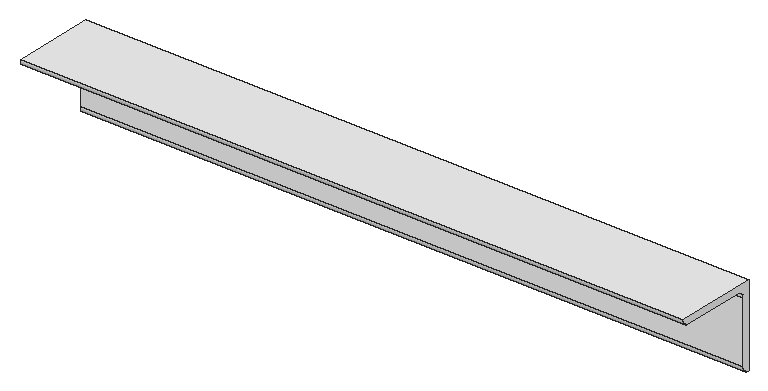
Revit family
Parameters (values of type "L150x150x12")
  k = 16.8 mm
  Start Extension Calculation [instance] = 3012.5 mm + Start Extension  # 3000 mm
  Start Extension [instance] = -12.5 mm
  End Extension Calculation [instance] = 3012.5 mm + End Extension  # 3000 mm
  End Extension [instance] = -12.5 mm
  Beam Material [instance] = Metal - Steel - 345 MPa
  A = 0.004 m²
  Length [instance] = 1500 mm
  W = 0.26772
  b = 150 mm
  d = 150 mm
  t = 12 mm
  x = 41.4 mm
  y = 41.4 mm
Reference planes
  plane 1 "Center (Front/Back)": y = 0
  plane 2: z = 0
  plane 3 "Center (Left/Right)": x = 4.61
  plane 4 "Member Left": x = -604.99
  plane 5 "Member Right": x = 614.21
  plane 6: y = 41.4
  plane 7: y = -108.6
  plane 8 "Top": z = 41.4
  plane 9: z = -108.6
  plane 10 "Left": x = -757.39
  plane 11 "Right": x = 742.61
  plane 12: x = -604.99
  plane 13: x = 614.21
  plane 14: x = 2395.01
  plane 15: x = -2385.79
Forms (mm)
  Sweep 1, solid, material "Metal - Steel - 345 MPa" <- "Beam Material", detail levels medium
    path origin (0, 0, 0) x (1, 0, 0) y (0, 1, 0)
      loop
        line (614.21, 0) -> (-604.99, 0)
    profile "M_L-Angle-Profile-Medium : M_L-Angle-Profile-Medium" origin (4.61, 0, 0) x (0, -1, 0) y (0, 0, 1)
      loop
        line (-41.4, -108.6) -> (-29.4, -108.6) -> (-29.4, 29.4) -> (108.6, 29.4) -> (108.6, 41.4) -> (-41.4, 41.4) -> (-41.4, -108.6)
  Sweep 2, solid, material "Metal - Steel - 345 MPa" <- "Beam Material", detail levels fine
    path origin (0, 0, 0) x (1, 0, 0) y (0, 1, 0)
      loop
        line (614.21, 0) -> (-604.99, 0)
    profile "M_L-Angle-Profile-Fine : M_L-Angle-Profile-Fine" origin (4.61, 0, 0) x (0, -1, 0) y (0, 0, 1)
      loop
        arc (-41.4, -108.6) -> (-32.915, -105.085) -> (-29.4, -96.6) r 12
        line (-29.4, -96.6) -> (-29.4, 17.4)
        arc (-29.4, 17.4) -> (-25.885, 25.885) -> (-17.4, 29.4) r 12
        line (-17.4, 29.4) -> (96.6, 29.4)
        arc (96.6, 29.4) -> (105.085, 32.915) -> (108.6, 41.4) r 12
        line (108.6, 41.4) -> (-41.4, 41.4) -> (-41.4, -108.6)
Lines and regions (mm)
  symbolic lines, style "Hidden Faces", detail levels medium+fine
    curve 1: line (-604.99, 0, 28.4) -> (614.21, 0, 28.4)
    curve 2: line (-604.99, 29.4, 0) -> (614.21, 29.4, 0)
  symbolic lines, style "Stick Symbols", detail levels coarse
    curve 3: line (4.61, 41.4, 41.4) -> (4.61, -108.6, 41.4)
    curve 4: line (4.61, 41.4, -108.6) -> (4.61, 41.4, 41.4)
Dimensions and locks
  "b": plane 6 to plane 7
  "d": plane 9 to plane 8 "Top"
  "x": plane 6 to plane 1 "Center (Front/Back)"
  "y": plane 8 "Top" to plane 2
  "Length": plane 10 "Left" to plane 11 "Right"
  "t": plane 6 to curve 2
  locked: plane 4 "Member Left" to plane 14 at 3000
  locked: plane 15 to plane 5 "Member Right" at 3000
  "Start Extension Calculation": plane 12 to plane 14
  "End Extension Calculation": plane 15 to plane 13
  aligned and locked: Sweep 1 sketch curve to plane 1 "Center (Front/Back)"
  aligned and locked: Sweep 2 sketch curve to plane 1 "Center (Front/Back)"
  aligned and locked: plane 12 to Sweep 1 sketch curve
  aligned and locked: plane 13 to Sweep 1 sketch curve
  aligned and locked: plane 12 to Sweep 2 sketch curve
  aligned and locked: plane 13 to Sweep 2 sketch curve
  aligned and locked: plane 12 to curve 2
  aligned and locked: plane 13 to curve 2
  aligned and locked: plane 12 to curve 1
  aligned and locked: plane 13 to curve 1
  aligned and locked: Sweep 1 to curve 3
  aligned and locked: curve 4 to Sweep 1
  aligned and locked: curve 3 to Sweep 2
  aligned and locked: curve 4 to Sweep 2
Automatic sketch dimensions
  plane 8 "Top" to curve 1 = 13 mm
